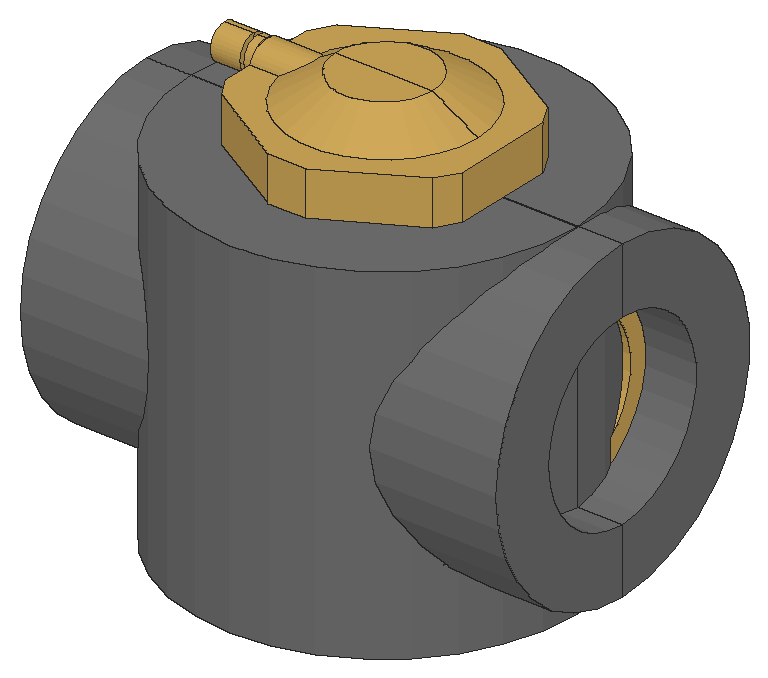
Revit family "Differenzdruckregler 4202 FIX 23kPa", category Rohrzubehör, Revit 2020
Family settings
  Bemaßung runder Anschluss = Durchmesser verwenden
  Teiletyp = Unterbricht
  OmniClass-Nummer = 23.65.55.14
  OmniClass-Titel = Valves for Liquid Services
  Arbeitsebenenbasiert = Nein
  Immer vertikal = Ja
  Beim Laden mit Abzugskörper schneiden = Nein
  Gemeinsam genutzt = Nein
Parameters (values of type "Mit Dämmung")
  y2 [instance] = K14 + K9 + H01  # 76.149 mm
  y1 [instance] = (R03 * 2) + R05  # 140.000 mm
  Vorgabe-Ansicht = 0.000 mm
  Min. Betriebstemperatur (Frostschutz) = -20 °C  # constant formula
  Max. zulässige Betriebstemperatur bis DN32 = 130 °C  # constant formula
  Max. zulässige Betriebstemperatur DN40 - DN50 = 110 °C  # constant formula
  Max. Differenzdruck am Gehäuse = 400000.0 Pa  # constant formula
  Max. Betriebsdruck = 2500000.0 Pa  # constant formula
  Ventilschaft = "Edelstahl 14301"  # constant formula
  URL = "www.herz-armaturen.at"
  SCRNSEQ = "ARM;ARM_TYP=\"DIFR\";2"
  SCRNCODE = "05;03;4"  # constant formula
  S06 [instance] = 1.000 mm  # constant formula
  S05 [instance] = S01 - 1.000 mm  # 27.500 mm
  S04 [instance] = S02 - 1.000 mm  # 27.000 mm
  S03 [instance] = size_lookup("4202_FIX_23", "S03", 26.500 mm, Nennweite)  # 37.700 mm
  S02 [instance] = size_lookup("4202_FIX_23", "S02", 19.000 mm, Nennweite)  # 28.000 mm
  S01 [instance] = size_lookup("4202_FIX_23", "S01", 17.250 mm, Nennweite)  # 28.500 mm
  Regleranschlussmutter = "Messing CW614N"  # constant formula
  Regelbereich = "FIX 23kPa"  # constant formula
  R06 [instance] = size_lookup("4202_FIX_23", "R06", 14.500 mm, Nennweite)  # 14.500 mm
  R05 [instance] = size_lookup("4202_FIX_23", "R05", 46.000 mm, Nennweite)  # 106.000 mm
  R04 [instance] = size_lookup("4202_FIX_23", "R04", 12.500 mm, Nennweite)  # 14.500 mm
  R03 [instance] = size_lookup("4202_FIX_23", "R03", 10.000 mm, Nennweite)  # 17.000 mm
  R02 = 14.500 mm  # constant formula
  R01 [instance] = size_lookup("4202_FIX_23", "R01", 12.500 mm, Nennweite)  # 33.500 mm
  Min. Betriebstemperatur (reines Wasser) = 2 °C  # constant formula
  O-Ringe = "EPDM"  # constant formula
  Nennweite [instance] = 50.000 mm
  Membrangehäuse = "Messing CW602N"  # constant formula
  Membrane = "EPDM"  # constant formula
  Medium = "Wasserbeschaffenheit nach ÖNORM H 5195 und VDI 2035\r\nDie Verwendung von Ethylen- und Propylenglykol ist im\r\nMischungsverhältnis 25 - 50 Vol.-% zulässig."
  L2 [instance] = size_lookup("4202_FIX_23", "L2", 161.000 mm, Nennweite)  # 216.500 mm
  L [instance] = size_lookup("4202_FIX_23", "L", 66.000 mm, Nennweite)  # 140.000 mm
  K9 = 4.000 mm  # constant formula
  K8 = 55.000 mm  # constant formula
  K7 = 8.700 mm  # constant formula
  K6 = 11.700 mm  # constant formula
  K5 = 13.000 mm  # constant formula
  K4 = 12.000 mm  # constant formula
  K3 = 15.000 mm  # constant formula
  K2 = 2.350 mm  # constant formula
  K18 = 89.000 mm  # constant formula
  K17 = 66.700 mm  # constant formula
  K16 = 3.000 mm  # constant formula
  K15 = 26.649 mm  # constant formula
  K14 = 16.649 mm  # constant formula
  K13 = 16.649 mm  # constant formula
  K12 = 10.000 mm  # constant formula
  K11 = 35.000 mm  # constant formula
  K10 = 18.250 mm  # constant formula
  K1.1 = 2.350 mm  # constant formula
  K1 = 7.651 mm  # constant formula
  J9 = 15.700 mm  # constant formula
  J8 = 7.850 mm  # constant formula
  J7 = 15.897 mm  # constant formula
  J6 = 3.900 mm  # constant formula
  J5 = 6.500 mm  # constant formula
  J4 = 1.500 mm  # constant formula
  J3 = 3.200 mm  # constant formula
  J2 = 11.000 mm  # constant formula
  J11 = 3.500 mm  # constant formula
  J10 = 18.897 mm  # constant formula
  J1 = 6.500 mm  # constant formula
  Hersteller = "HERZ-Armaturen Ges.m.b.H"  # constant formula
  H2 [instance] = size_lookup("4202_FIX_23", "H2", 28.000 mm, Nennweite)  # 58.000 mm
  H1 [instance] = K1 + K2 + K3 + K4 + K5 + K7 + K8 + K16 + 16.650 mm  # 133.351 mm
  H04 = 4.000 mm  # constant formula
  H03 = 9.800 mm  # constant formula
  H02 [instance] = size_lookup("4202_FIX_23", "H02", 53.000 mm, Nennweite)  # 107.000 mm
  H01 [instance] = size_lookup("4202_FIX_23", "H01", 25.000 mm, Nennweite)  # 55.500 mm
  Gehäuse = "DZR Messing CC770S"  # constant formula
  G03 [instance] = size_lookup("4202_FIX_23", "G03", 13.200 mm, Nennweite)  # 23.400 mm
  G02 [instance] = size_lookup("4202_FIX_23", "G02", 9.500 mm, Nennweite)  # 28.325 mm
  G01 [instance] = size_lookup("4202_FIX_23", "G01", 13.500 mm, Nennweite)  # 35.000 mm
  Hinweise zum Material = "Gemäß Art 33 der REACH-Verordnung (EG Nr. 1907/2006) sind wir verpflichtet, darauf hinzuweisen,\r\ndass der Stoff Blei auf der SVHC-Liste geführt wird und dass alle aus Messing bestehenden Bauteile,\r\ndie in unseren Erzeugnissen verarbeitet sind, mehr als 0,1 % (w/w) Blei (CAS: 7439-92-1 / EINECS:\r\n231-100-4) enthalten. Da Blei als Legierungsbestandteil fest gebunden ist, sind keine Expositionen zu\r\nerwarten und daher sind keine zusätzlichen Angaben zur sicheren Verwendung notwendig.\r\n\r\nIm Hanf enthaltenes Ammoniak schädigt\r\nMessingventilgehäuse, EPDM Dichtungen werden durch\r\nMineralöle bzw. mineralölhaltige Schmierstoffe aufgequollen\r\nund führen somit zum Ausfall der EPDM-Dichtungen. Für\r\nFrost- und Korrosionsschutzmittel auf der Basis von Ethylen- und Propylenglykol sind die entsprechenden\r\nAngaben den Unterlagen des Herstellers zu entnehmen."
  Dämmung = yes
  Dämmschale = "EPP (expandiertes Polypropylen)"  # constant formula
  Druckfeder = "Federstahl, rost-und säurebeständig"  # constant formula
  DN50 [instance] = Nennweite = 50.000 mm  # yes
  DN40 [instance] = Nennweite = 40.000 mm  # no
  DN32-40 [instance] = or(Nennweite = 32.000 mm, Nennweite = 40.000 mm)  # no
  DN32 [instance] = Nennweite = 32.000 mm  # no
  DN25,32,40 [instance] = or(Nennweite = 25.000 mm, Nennweite = 32.000 mm, Nennweite = 40.000 mm)  # no
  DN25 [instance] = Nennweite = 25.000 mm  # no
  DN20 [instance] = Nennweite = 20.000 mm  # no
  DN15-25 [instance] = or(Nennweite = 15.000 mm, Nennweite = 20.000 mm, Nennweite = 25.000 mm)  # no
  DN15,20,50 [instance] = or(Nennweite = 15.000 mm, Nennweite = 20.000 mm, Nennweite = 50.000 mm)  # yes
  DN15 [instance] = Nennweite = 15.000 mm  # no
  D07 [instance] = if(Nennweite = 15.000 mm, 32.500 mm, if(Nennweite = 20.000 mm, 33.500 mm, if(Nennweite = 25.000 mm, 33.500 mm, if(Nennweite = 32.000 mm, 49.500 mm, if(Nennweite = 40.000 mm, 59.500 mm, if(Nennweite = 50.000 mm, 59.500 mm, 0.000 mm))))))  # 59.500 mm
  D06 [instance] = if(Nennweite = 15.000 mm, 32.500 mm, if(Nennweite = 20.000 mm, 33.500 mm, if(Nennweite = 25.000 mm, 33.500 mm, if(Nennweite = 32.000 mm, 49.500 mm, if(Nennweite = 40.000 mm, 59.500 mm, if(Nennweite = 50.000 mm, 59.500 mm, 0.000 mm))))))  # 59.500 mm
  D05 [instance] = if(Nennweite = 15.000 mm, 36.750 mm, if(Nennweite = 20.000 mm, 40.700 mm, if(Nennweite = 25.000 mm, 49.200 mm, if(Nennweite = 32.000 mm, 54.150 mm, if(Nennweite = 40.000 mm, 60.750 mm, if(Nennweite = 50.000 mm, 72.700 mm, 0.000 mm))))))  # 72.700 mm
  D04 [instance] = if(Nennweite = 15.000 mm, 78.500 mm, if(Nennweite = 20.000 mm, 82.000 mm, if(Nennweite = 25.000 mm, 84.000 mm, if(Nennweite = 32.000 mm, 120.000 mm, if(Nennweite = 40.000 mm, 130.000 mm, if(Nennweite = 50.000 mm, 130.500 mm, 0.000 mm))))))  # 130.500 mm
  D03 [instance] = if(Nennweite = 15.000 mm, 96.000 mm, if(Nennweite = 20.000 mm, 110.000 mm, if(Nennweite = 25.000 mm, 112.000 mm, if(Nennweite = 32.000 mm, 152.000 mm, if(Nennweite = 40.000 mm, 170.000 mm, if(Nennweite = 50.000 mm, 179.000 mm, 0.000 mm))))))  # 179.000 mm
  D02 [instance] = size_lookup("4202_FIX_23", "R05", 41.000 mm, Nennweite)  # 106.000 mm
  D01 [instance] = size_lookup("4202_FIX_23", "G01", 13.220 mm, Nennweite)  # 35.000 mm
  Bestellnummer Dämmung [instance] = if(and(Dämmung, Nennweite = 15.000 mm), 1409611, if(and(Dämmung, Nennweite = 20.000 mm), 1409612, if(and(Dämmung, Nennweite = 25.000 mm), 1409613, if(and(Dämmung, Nennweite = 32.000 mm), 1409614, if(and(Dämmung, Nennweite = 40.000 mm), 1409615, if(and(Dämmung, Nennweite = 50.000 mm), 1409616, 0))))))  # 1409616
  Bestellnummer [instance] = if(Nennweite = 15.000 mm, 1420221, if(Nennweite = 20.000 mm, 1420222, if(Nennweite = 25.000 mm, 1420223, if(Nennweite = 32.000 mm, 1420224, if(Nennweite = 40.000 mm, 1420225, if(Nennweite = 50.000 mm, 1420226, 0))))))  # 1420226
  B2 [instance] = size_lookup("4202_FIX_23", "B2", 31.000 mm, Nennweite)  # 41.000 mm
  B1 [instance] = size_lookup("4202_FIX_23", "B1", 26.000 mm, Nennweite)  # 41.000 mm
  B04 = 100.649 mm  # constant formula
  B03 = 44.500 mm  # constant formula
  B02 = 104.688 mm  # constant formula
  B01 = 10.000 mm  # constant formula
  Anwendungsgebiet = "Der Differenzdruckregler ist ein Regler mit linearer Kennlinie in Geradsitzausführung und arbeitet ohne Hilfsenergie. Der Differenzdruck-Sollwert beträgt 23 kPa, 50 kPa bzw 13 kPa. Im Lieferumfang enthalten ist die Impulsleitung (1000 mm), diese ist mit einem Strangregulierventil im Vorlauf zu verbinden."
  Anschlussnippel = "Messing CW602N"  # constant formula
Types (3, lengths in mm): name | y2 | y1 | S05 | S04 | S03 | S02 | S01 | R05 | R04 | R03 | R01 | Nennweite | L2 | L | H2 | H02 | H01 | G03 | G02 | G01 | Dämmung | DN50 | DN15-25 | DN15 | D07 | D06 | D05 | D04 | D03 | D02 | D01 | Bestellnummer Dämmung | Bestellnummer | B2 | B1
  (no name) | 76.149 | 140.000 | 27.500 | 27.000 | 37.700 | 28.000 | 28.500 | 106.000 | 14.500 | 17.000 | 33.500 | 50.000 | 216.500 | 140.000 | 58.000 | 107.000 | 55.500 | 23.400 | 28.325 | 35.000 | yes | yes | no | no | 59.500 | 59.500 | 72.700 | 130.500 | 179.000 | 106.000 | 35.000 | 1409616 | 1420226 | 41.000 | 41.000
  Mit Dämmung | 76.149 | 140.000 | 27.500 | 27.000 | 37.700 | 28.000 | 28.500 | 106.000 | 14.500 | 17.000 | 33.500 | 50.000 | 216.500 | 140.000 | 58.000 | 107.000 | 55.500 | 23.400 | 28.325 | 35.000 | yes | yes | no | no | 59.500 | 59.500 | 72.700 | 130.500 | 179.000 | 106.000 | 35.000 | 1409616 | 1420226 | 41.000 | 41.000
  Ohne Dämmung | 49.149 | 66.000 | 16.250 | 18.000 | 25.600 | 19.000 | 17.250 | 46.000 | 12.500 | 10.000 | 12.500 | 15.000 | 161.000 | 66.000 | 28.000 | 53.000 | 28.500 | 13.200 | 9.500 | 13.500 | no | no | yes | yes | 32.500 | 32.500 | 36.750 | 78.500 | 96.000 | 46.000 | 13.500 | 0 | 1420221 | 31.000 | 26.000
Reference planes
  plane 1 "Mitte (Vorne/hinten)": y = 0
  plane 2: z = 0
  plane 3 "Mitte (Links/rechts)": x = 0
Forms (mm)
  Revolve 1, solid, material "Messing, weicher Gelbton, geschweißt", detail levels fine
    sketch origin (0, 0, 0) x (1, 0, 0) y (0, 0, 1)
      loop
        line (-46.6, 0) -> (46.6, 0) -> (46.6, 28.325) -> (70, 28.325) -> (70, 35) -> (53, 35) -> (53, 33.5) -> (-53, 33.5) -> (-53, 35) -> (-70, 35) -> (-70, 28.325) -> (-46.6, 28.325) -> (-46.6, 0)
      axis (-70, 0) -> (70, 0)
    angle from 0 to 360
  Revolve 2, solid, material "Messing, weicher Gelbton, geschweißt", detail levels fine
    sketch origin (0, 0, 0) x (1, 0, 0) y (0, 0, 1)
      loop
        line (0, -58) -> (0, 0) -> (-27, 0) -> (-27, -48.2) -> (-28, -48.2) -> (-28, -58) -> (0, -58)
      axis (0, 0) -> (0, -58)
    angle from 0 to 360
  Extrusion 3, solid, material "Messing, weicher Gelbton, geschweißt", detail levels fine
    sketch origin (0, 0, 0) x (0, -1, 0) y (1, 0, 0)
      loop
        line (-46, -7.038) -> (-27.114, -39.75) -> (-18.886, -44.5) -> (18.886, -44.5) -> (27.114, -39.75) -> (46, -7.038) -> (46, 7.038) -> (27.114, 39.75) -> (18.886, 44.5) -> (-18.886, 44.5) -> (-27.114, 39.75) -> (-46, 7.038) -> (-46, -7.038)
    from 59.5 to 76.149
  Revolve 4, solid, material "Messing, weicher Gelbton, geschweißt", detail levels fine
    sketch origin (0, 0, -7.051) x (1, 0, 0) y (0, 0, 1)
      loop
        line (0, 83.2) -> (0, 93.2) -> (-18.25, 93.2) -> (-35, 83.2) -> (0, 83.2)
      axis (0, 93.2) -> (0, 83.2)
    angle from 0 to 360
  Revolve 5, solid, material "Messing, weicher Gelbton, geschweißt", visible <- "DN15-25", detail levels fine
    sketch origin (-11, 0, 0) x (1, 0, 0) y (0, 1, 0)
      loop
        line (-3.5, 41) -> (-11.2, 41) -> (-11.2, 0) -> (-3.5, 0) -> (-3.5, 41)
      axis (-3.5, 0) -> (-3.5, 41)
    angle from 0 to 360
  Revolve 6, solid, material "Messing, weicher Gelbton, geschweißt", detail levels fine
    sketch origin (-0.988, 0, -6.853) x (-1, 0, 0) y (0, 0, 1)
      loop
        line (43.5, 82.25) -> (59.2, 82.25) -> (59.2, 88.75) -> (48.2, 88.75) -> (48.2, 86.15) -> (46.7, 86.15) -> (46.7, 88.75) -> (43.5, 88.75) -> (43.5, 82.25)
      axis (43.5, 82.25) -> (59.2, 82.25)
    angle from 0 to 360
  Extrusion 7, solid, material "Messing, weicher Gelbton, geschweißt", detail levels fine
    sketch origin (0, 0, 0) x (0, 1, 0) y (0, 0, -1)
      loop
        line (7.85, -74.047) -> (7.85, -63) -> (-7.85, -63) -> (-7.85, -74.047)
        arc (-7.85, -74.047) -> (0, -81.897) -> (7.85, -74.047) r 7.85
    from 0 to 44.5
  Revolve 8, solid, material "Messing, weicher Gelbton, geschweißt", visible <- "DN15-25", detail levels fine
    sketch origin (-2, 0, 0) x (1, 0, 0) y (0, 1, 0)
      loop
        line (-12.5, 0) -> (-21.5, 0) -> (-21.5, -41) -> (-12.5, -41) -> (-12.5, 0)
      axis (-12.5, 0) -> (-12.5, -41)
    angle from 0 to 360
  Revolve 9, solid, material "Messing, weicher Gelbton, geschweißt", visible <- "DN15-25", detail levels fine
    sketch origin (2, 0, 0) x (1, 0, 0) y (0, 1, 0)
      loop
        line (12.5, 0) -> (12.5, -41) -> (21.6, -41) -> (21.6, 0) -> (12.5, 0)
      axis (12.5, 0) -> (12.5, -41)
    angle from 0 to 360
  Extrusion 10, solid, material "Messing, weicher Gelbton, geschweißt", visible <- "DN32", detail levels fine
    sketch origin (-31.5, 0, 0) x (1, 0, 0) y (0, 1, 0)
      loop
        circle (63, 0) r 6.578
      loop
        circle (63, 0) r 3.28
    from -47 to 0
  Extrusion 11, solid, material "Messing, weicher Gelbton, geschweißt", visible <- "DN32", detail levels fine
    sketch origin (31.5, 0, 0) x (-1, 0, 0) y (0, -1, 0)
      loop
        circle (63, 0) r 6.578
      loop
        circle (63, 0) r 3.28
    from -47 to 0
  Revolve 12, solid, material "Messing, weicher Gelbton, geschweißt", detail levels fine
    sketch origin (0, 0, 0) x (1, 0, 0) y (0, 0, 1)
      loop
        line (-27.5, 0) -> (0, 0) -> (0, 59.5) -> (-23.5, 59.5) -> (-23.5, 55.5) -> (-28.5, 55.5) -> (-28.5, 45.7) -> (-27.5, 45.7) -> (-27.5, 0)
      axis (0, 59.5) -> (0, 0)
    angle from 0 to 360
  Extrusion 13, solid, material "Messing, weicher Gelbton, geschweißt", visible <- "DN40", detail levels fine
    sketch origin (29.382, 0, 0) x (-1, 0, 0) y (0, -1, 0)
      loop
        circle (63, 0) r 6.578
      loop
        circle (63, 0) r 3.28
    from -58 to 0
  Extrusion 14, solid, material "Messing, weicher Gelbton, geschweißt", visible <- "DN40", detail levels fine
    sketch origin (-29.455, 0, 0) x (1, 0, 0) y (0, 1, 0)
      loop
        circle (63, 0) r 6.578
      loop
        circle (63, 0) r 3.28
    from -58 to 0
  Extrusion 15, solid, material "Messing, weicher Gelbton, geschweißt", visible <- "DN50", detail levels fine
    sketch origin (28.422, 0, 0) x (-1, 0, 0) y (0, -1, 0)
      loop
        circle (63, 0) r 6.578
      loop
        circle (63, 0) r 3.28
    from -58 to 0
  Extrusion 16, solid, material "Messing, weicher Gelbton, geschweißt", visible <- "DN50", detail levels fine
    sketch origin (-28.422, 0, 0) x (1, 0, 0) y (0, 1, 0)
      loop
        circle (63, 0) r 6.578
      loop
        circle (63, 0) r 3.28
    from -58 to 0
  Revolve 17, solid, material "Messing, weicher Gelbton, geschweißt", visible <- "DN32-40", detail levels fine
    sketch origin (-11, 0, 0) x (1, 0, 0) y (0, 1, 0)
      loop
        line (-3.5, -41) -> (-3.5, 0) -> (-11.2, 0) -> (-11.2, -41) -> (-3.5, -41)
      axis (-3.5, 0) -> (-3.5, -41)
    angle from 0 to 360
  Revolve 18, solid, material "Kunststoff-Anthrazit/Schwarz", visible <- "Dämmung"
    sketch origin (0, 0, 0) x (1, 0, 0) y (0, 0, 1)
      loop
        line (0, -71) -> (72.7, -71) -> (72.7, 59.5) -> (0, 59.5) -> (0, -71)
      axis (0, 59.5) -> (0, -71)
    angle from 0 to 360
  Revolve 19, solid, material "Kunststoff-Anthrazit/Schwarz", visible <- "Dämmung"
    sketch origin (0, 0, 0) x (1, 0, 0) y (0, 0, 1)
      loop
        line (-89.5, 59.5) -> (-89.5, 35) -> (-53, 35) -> (-53, 0) -> (0, 0) -> (53, 0) -> (53, 35) -> (89.5, 35) -> (89.5, 59.5) -> (-89.5, 59.5)
      axis (-89.5, 0) -> (89.5, 0)
    angle from 0 to 360
Lines and regions (mm)
  model lines, detail levels coarse+medium
    curve 1: line (70, -35, 0) -> (70, 35, 0)
    curve 2: line (70, 35, 0) -> (-70, -35, 0)
    curve 3: line (-70, -35, 0) -> (-70, 35, 0)
    curve 4: line (-70, 35, 0) -> (70, -35, 0)
    curve 5: line (0, -45.5, 0) -> (0, -59.5, 0)
    curve 6: spline (-44.5, -67.824, 0) -> (-42.984, -65.67, 0) -> (-38.538, -63.662, 0) -> (-31.466, -61.938, 0) -> (-22.25, -60.615, 0) -> (-11.517, -59.784, 0) -> (0, -59.5, 0) -> (11.517, -59.784, 0) -> (22.25, -60.615, 0) -> (31.466, -61.938, 0) -> (38.538, -63.662, 0) -> (42.984, -65.67, 0) -> (44.5, -67.825, 0) -> (42.984, -69.979, 0) -> (38.538, -71.987, 0) -> (31.466, -73.711, 0) -> (22.25, -75.034, 0) -> (11.517, -75.865, 0) -> (0, -76.149, 0) -> (-11.517, -75.865, 0) -> (-22.25, -75.034, 0) -> (-31.466, -73.711, 0) -> (-38.538, -71.987, 0) -> (-42.984, -69.979, 0) -> (-44.5, -67.824, 0)
    curve 7: line (0, 0, 35) -> (0, 0, 59.5)
    curve 8: spline (-44.5, 0, 67.825) -> (-42.984, 0, 69.979) -> (-38.538, 0, 71.987) -> (-31.466, 0, 73.711) -> (-22.25, 0, 75.034) -> (-11.517, 0, 75.865) -> (0, 0, 76.149) -> (11.517, 0, 75.865) -> (22.25, 0, 75.034) -> (31.466, 0, 73.711) -> (38.538, 0, 71.987) -> (42.984, 0, 69.979) -> (44.5, 0, 67.824) -> (42.984, 0, 65.67) -> (38.538, 0, 63.662) -> (31.466, 0, 61.938) -> (22.25, 0, 60.615) -> (11.517, 0, 59.784) -> (0, 0, 59.5) -> (-11.517, 0, 59.784) -> (-22.25, 0, 60.615) -> (-31.466, 0, 61.938) -> (-38.538, 0, 63.662) -> (-42.984, 0, 65.67) -> (-44.5, 0, 67.825)
    curve 9: line (0, 0, 35) -> (35, 0, 17.5)
    curve 10: line (0, 0, 35) -> (-35, 0, 17.5)
    curve 11: line (0, -45.5, 0) -> (-18.2, -9.1, 0)
    curve 12: line (0, -45.5, 0) -> (18.2, -9.1, 0)
    curve 13: line (-70, 0, 35) -> (70, 0, -35)
    curve 14: line (70, 0, -35) -> (70, 0, 35)
    curve 15: line (70, 0, 35) -> (-70, 0, -35)
    curve 16: line (-70, 0, -35) -> (-70, 0, 35)
Dimensions and locks
  "G01": Revolve 1 sketch curve to Revolve 1 sketch curve  (x2)
  "R01": Revolve 1 sketch curve to Revolve 1 sketch curve
  "R03": Revolve 1 sketch curve to Revolve 1 sketch curve  (x2)
  "K10": Revolve 4 sketch curve to Revolve 4 sketch curve
  "K11": Revolve 4 sketch curve to Revolve 4 sketch curve
  "B1": Revolve 5 sketch curve to Revolve 5 sketch curve
  "J1": Revolve 6 sketch curve to Revolve 6 sketch curve
  "J3": Revolve 6 sketch curve to Revolve 6 sketch curve
  "J4": Revolve 6 sketch curve to Revolve 6 sketch curve
  "J2": Revolve 6 sketch curve to Revolve 6 sketch curve
  "J5": Revolve 6 sketch curve to Revolve 6 sketch curve
  "J6": Revolve 6 sketch curve to Revolve 6 sketch curve
  "H2": plane 2 to Revolve 2 sketch curve
  "H03": Revolve 2 sketch curve to Revolve 2 sketch curve
  "S02": plane 3 "Mitte (Links/rechts)" to Revolve 2 sketch curve
  "B02": Revolve 6 to Extrusion 3
  "B03": Extrusion 3 to plane 3 "Mitte (Links/rechts)"
  "R04": Revolve 5 sketch curve to plane 3 "Mitte (Links/rechts)"
  "K12": Revolve 4 sketch curve to Revolve 4 sketch curve
  "K13": Revolve 4 sketch curve to Extrusion 3
  "K14": Extrusion 3 to Extrusion 3
  "R05": Revolve 1 sketch curve to Revolve 1 sketch curve
  equal spacing: Revolve 1 sketch curve, plane 3 "Mitte (Links/rechts)", Revolve 1 sketch curve
  "B2": plane 1 "Mitte (Vorne/hinten)" to Revolve 8 sketch curve
  "B2": Revolve 9 sketch curve to plane 1 "Mitte (Vorne/hinten)"
  "R06": Revolve 8 sketch curve to plane 3 "Mitte (Links/rechts)"
  "R06": plane 3 "Mitte (Links/rechts)" to Revolve 9 sketch curve
  "S01": Revolve 12 sketch curve to plane 3 "Mitte (Links/rechts)"
  "S05": plane 3 "Mitte (Links/rechts)" to Revolve 12 sketch curve
  "H04": Revolve 12 sketch curve to Revolve 12 sketch curve
  "H03": Revolve 12 sketch curve to Revolve 12 sketch curve
  "H01": Revolve 12 sketch curve to plane 2
  "K9": Extrusion 3 to Revolve 12
  "S06": Revolve 2 sketch curve to Revolve 2 sketch curve
  "J7": Revolve 6 sketch curve to Extrusion 3
  "J9": Extrusion 7 sketch curve to Extrusion 7 sketch curve
  "J10": Revolve 6 to Extrusion 7 sketch curve
  "J11": Extrusion 7 sketch curve to Extrusion 3
  "K18": Extrusion 3 to Extrusion 3
  "K18": curve 8 to curve 8
  "G01": curve 10 to plane 2
  "K14": curve 8 to curve 8
  "y2": curve 8 to plane 2
  "G01": plane 1 "Mitte (Vorne/hinten)" to curve 4
  "G01": curve 3 to plane 1 "Mitte (Vorne/hinten)"
  equal spacing: curve 3, curve 8, curve 1
  equal spacing: curve 3, curve 12, curve 1
  "y1": curve 3 to curve 1
  "G01": plane 1 "Mitte (Vorne/hinten)" to curve 2
  "G01": curve 4 to plane 1 "Mitte (Vorne/hinten)"
  "K18": curve 6 to curve 6
  "K14": curve 6 to curve 6
  "y2": curve 6 to plane 1 "Mitte (Vorne/hinten)"
  "B1": Revolve 17 sketch curve to Revolve 17 sketch curve
  "R04": Revolve 17 sketch curve to plane 3 "Mitte (Links/rechts)"
  "G02": Revolve 1 sketch curve to plane 2  (x2)
  "G03": Revolve 1 sketch curve to Revolve 1 sketch curve  (x2)
  Revolve 1 sketch curve to Revolve 1 sketch curve = 140.000 mm
  equal spacing: curve 10, plane 3 "Mitte (Links/rechts)", curve 9
  "L": curve 14 to curve 16
  equal spacing: curve 14, curve 6, curve 16
  equal spacing: curve 14, curve 9, curve 10, curve 10, curve 16
  "G01": curve 16 to plane 2
  "G01": plane 2 to curve 16
  "G01": curve 15 to plane 2
  "G01": plane 2 to curve 14
  "D06": Revolve 18 sketch curve to plane 2
  "D04": Revolve 18 sketch curve to Revolve 18 sketch curve
  "D05": Revolve 18 sketch curve to Revolve 18 sketch curve
  "D07": Revolve 19 sketch curve to plane 2
  "D01": Revolve 19 sketch curve to plane 2  (x2)
  "D02": Revolve 19 sketch curve to Revolve 19 sketch curve
  "D03": Revolve 19 sketch curve to Revolve 19 sketch curve
  equal spacing: Revolve 19 sketch curve, plane 3 "Mitte (Links/rechts)", Revolve 19 sketch curve  (x2)
  "J8": radius of Extrusion 7 sketch curve
  aligned and locked: level to plane 2
Automatic sketch dimensions
  plane 3 "Mitte (Links/rechts)" to Extrusion 3 sketch curve = 7.038 mm  (x2)
  Extrusion 3 sketch curve to plane 1 "Mitte (Vorne/hinten)" = 46.000 mm
  Extrusion 3 sketch curve to plane 1 "Mitte (Vorne/hinten)" = 27.114 mm  (x2)
  Extrusion 3 sketch curve to Extrusion 3 sketch curve = 8.227 mm  (x4)
  plane 1 "Mitte (Vorne/hinten)" to Extrusion 3 sketch curve = 18.886 mm  (x2)
  Extrusion 3 sketch curve to Extrusion 3 sketch curve = 18.886 mm
  Extrusion 3 sketch curve to plane 3 "Mitte (Links/rechts)" = 7.038 mm  (x2)
  Extrusion 3 sketch curve to Extrusion 3 sketch curve = 32.712 mm  (x4)
  Extrusion 3 sketch curve to Extrusion 3 sketch curve = 4.750 mm  (x2)
  Extrusion 10 sketch curve to Extrusion 10 sketch curve = 0.000 mm  (x2)
  plane 1 "Mitte (Vorne/hinten)" to Extrusion 10 sketch curve = 0.000 mm
  plane 3 "Mitte (Links/rechts)" to Extrusion 10 sketch curve = 31.500 mm
  Extrusion 11 sketch curve to Extrusion 11 sketch curve = 0.000 mm  (x2)
  plane 1 "Mitte (Vorne/hinten)" to Extrusion 11 sketch curve = 0.000 mm
  plane 3 "Mitte (Links/rechts)" to Extrusion 11 sketch curve = 31.500 mm
  Extrusion 13 sketch curve to Extrusion 13 sketch curve = 0.000 mm  (x2)
  plane 1 "Mitte (Vorne/hinten)" to Extrusion 13 sketch curve = 0.000 mm
  plane 3 "Mitte (Links/rechts)" to Extrusion 13 sketch curve = 33.618 mm
  Extrusion 14 sketch curve to Extrusion 14 sketch curve = 0.000 mm  (x2)
  plane 1 "Mitte (Vorne/hinten)" to Extrusion 14 sketch curve = 0.000 mm
  plane 3 "Mitte (Links/rechts)" to Extrusion 14 sketch curve = 33.545 mm
  Extrusion 15 sketch curve to Extrusion 15 sketch curve = 0.000 mm  (x2)
  plane 1 "Mitte (Vorne/hinten)" to Extrusion 15 sketch curve = 0.000 mm
  plane 3 "Mitte (Links/rechts)" to Extrusion 15 sketch curve = 34.578 mm
  Extrusion 16 sketch curve to Extrusion 16 sketch curve = 0.000 mm  (x2)
  plane 1 "Mitte (Vorne/hinten)" to Extrusion 16 sketch curve = 0.000 mm
  plane 3 "Mitte (Links/rechts)" to Extrusion 16 sketch curve = 34.578 mm
  curve 8 to plane 3 "Mitte (Links/rechts)" = 0.000 mm
  curve 11 to plane 3 "Mitte (Links/rechts)" = 0.000 mm
  curve 6 to plane 3 "Mitte (Links/rechts)" = 0.000 mm
  curve 5 to curve 12 = 14.000 mm
  Revolve 1 sketch curve to level = 0.000 mm  (x2)
  Revolve 1 sketch curve to Revolve 1 sketch curve = 1473.530 mm
  Revolve 1 sketch curve to Revolve 1 sketch curve = 1806.148 mm
  Revolve 2 sketch curve to level = 0.000 mm
  Revolve 2 sketch curve to plane 3 "Mitte (Links/rechts)" = 0.000 mm  (x2)
  Revolve 2 sketch curve to Revolve 2 sketch curve = 1.000 mm
  Revolve 2 sketch curve to Revolve 2 sketch curve = 334.045 mm
  level to Revolve 2 sketch curve = 2218.015 mm
  Revolve 4 sketch curve to plane 3 "Mitte (Links/rechts)" = 0.000 mm  (x2)
  Revolve 4 sketch curve to level = 373.096 mm
  Revolve 4 sketch curve to Revolve 4 sketch curve = 2155.315 mm
  plane 1 "Mitte (Vorne/hinten)" to Revolve 5 sketch curve = 0.000 mm  (x2)
  Revolve 5 sketch curve to Revolve 5 sketch curve = 0.000 mm  (x2)
  Revolve 5 sketch curve to Revolve 5 sketch curve = 7.700 mm
  plane 3 "Mitte (Links/rechts)" to Revolve 6 sketch curve = 44.488 mm
  Revolve 6 sketch curve to Revolve 6 sketch curve = 0.000 mm  (x3)
  Extrusion 7 sketch curve to plane 1 "Mitte (Vorne/hinten)" = 0.000 mm
  Extrusion 7 sketch curve to Extrusion 7 sketch curve = 11.047 mm
  Extrusion 7 sketch curve to Extrusion 7 sketch curve = 0.000 mm
  plane 1 "Mitte (Vorne/hinten)" to Revolve 8 sketch curve = 0.000 mm  (x2)
  Revolve 8 sketch curve to Revolve 8 sketch curve = 9.000 mm
  Revolve 8 sketch curve to Revolve 8 sketch curve = 0.000 mm  (x2)
  plane 1 "Mitte (Vorne/hinten)" to Revolve 9 sketch curve = 0.000 mm  (x2)
  Revolve 9 sketch curve to Revolve 9 sketch curve = 9.100 mm
  Revolve 9 sketch curve to Revolve 9 sketch curve = 0.000 mm  (x2)
  Revolve 12 sketch curve to level = 0.000 mm  (x2)
  Revolve 12 sketch curve to plane 3 "Mitte (Links/rechts)" = 0.000 mm  (x2)
  Revolve 12 sketch curve to Revolve 12 sketch curve = 5.000 mm
  Revolve 12 sketch curve to Revolve 12 sketch curve = 0.000 mm
  plane 1 "Mitte (Vorne/hinten)" to Revolve 17 sketch curve = 0.000 mm  (x2)
  Revolve 17 sketch curve to Revolve 17 sketch curve = 7.700 mm
  Revolve 17 sketch curve to Revolve 17 sketch curve = 0.000 mm  (x2)
  Revolve 18 sketch curve to plane 3 "Mitte (Links/rechts)" = 0.000 mm  (x2)
  Revolve 18 sketch curve to Revolve 18 sketch curve = 13.423 mm
  Revolve 18 sketch curve to Revolve 18 sketch curve = 0.000 mm
  Revolve 19 sketch curve to level = 0.000 mm  (x2)
  Revolve 19 sketch curve to plane 3 "Mitte (Links/rechts)" = 0.000 mm
  Revolve 19 sketch curve to Revolve 19 sketch curve = 0.000 mm  (x2)
  radius of Extrusion 10 sketch curve = 6.578 mm
  radius of Extrusion 10 sketch curve = 3.280 mm
  radius of Extrusion 11 sketch curve = 6.578 mm
  radius of Extrusion 11 sketch curve = 3.280 mm
  radius of Extrusion 13 sketch curve = 6.578 mm
  radius of Extrusion 13 sketch curve = 3.280 mm
  radius of Extrusion 14 sketch curve = 6.578 mm
  radius of Extrusion 14 sketch curve = 3.280 mm
  radius of Extrusion 15 sketch curve = 6.578 mm
  radius of Extrusion 15 sketch curve = 3.280 mm
  radius of Extrusion 16 sketch curve = 6.578 mm
  radius of Extrusion 16 sketch curve = 3.280 mm
Nested families
  nested 1: "Herz-Logo-vorne" at (-0.018, 17.815, -12.904) x (0, -1, 0) z (0, 0, 1), type "Herz-Logo-vorne", detail levels fine
  nested 2: "Herz-Logo-vorne" at (-0.018, 24.058, 0) x (0, -1, 0) z (0, 0, 1), visible <- "DN32", type "Herz-Logo-vorne", detail levels fine
  nested 3: "Herz-Logo-vorne" at (-0.018, 33.471, 0) x (0, -1, 0) z (0, 0, 1), visible <- "DN50", type "Herz-Logo-vorne", detail levels fine
  nested 4: "Herz-Logo-vorne" at (-0.018, 26.482, 0) x (0, -1, 0) z (0, 0, 1), visible <- "DN40", type "Herz-Logo-vorne", detail levels fine
Connectors
  piping at (70, 0, 0), diameter 50, driven by "Nennweite"
    settings: on Revolve 1, index 1, connector inside diameter 609.6 mm, connector length 0.000 mm, flow factor 0, pipe flow 0.0 L/s, pressure drop 0.0 Pa, fitting loss kfactor 0, connector angle 0.00°, fixture units 0, engagement length 0.000 mm, angle of deflection 0.00°, flow configuration 0, flow direction 2, fitting loss method 0, system type 29, joint type 0, gender type 0, connector reference index -1, connector utility 0, adjustable connector no, is connector primary yes, connector description ""
  piping at (-70, 0, 0), diameter 50, driven by "Nennweite"
    settings: on Revolve 1, index 2, connector inside diameter 609.6 mm, connector length 0.000 mm, flow factor 0, pipe flow 0.0 L/s, pressure drop 0.0 Pa, fitting loss kfactor 0, connector angle 0.00°, fixture units 0, engagement length 0.000 mm, angle of deflection 0.00°, flow configuration 0, flow direction 1, fitting loss method 0, system type 7, joint type 0, gender type 0, connector reference index -1, connector utility 0, adjustable connector no, is connector primary no, connector description ""
Definition of nested family "Herz-Logo-vorne"
  Parameters (values of type "Herz-Logo-vorne")
    Default Elevation = 0.000 mm
  Reference planes
    plane 1 "Mitte (Vorne/hinten)": y = 0
    plane 2: z = 0
    plane 3 "Mitte (Links/rechts)": x = 0
  Forms (mm)
    Extrusion 1, solid
      sketch origin (0.732, -0.018, 0.017) x (0, -1, 0) y (0, 0, 1)
        loop
          line (-0.018, -4.517) -> (4.482, -4.517) -> (4.482, 4.483) -> (-4.518, 4.483) -> (-4.518, -4.517) -> (-0.018, -4.517)
        loop
          line (-0.05, -3.48) -> (3.482, -3.48) -> (3.482, 3.483) -> (-3.518, 3.483) -> (-3.518, -3.48) -> (-0.05, -3.48)
        loop
          arc (-0.018, 2.383) -> (-1.543, 3.287) -> (-3.067, 2.383) r 1.738
          arc (-3.067, 2.383) -> (-3.191, 1.899) -> (-3.067, 1.415) r 1.009
          line (-3.067, 1.415) -> (-0.018, -3.281) -> (3.032, 1.415)
          arc (3.032, 1.415) -> (3.156, 1.899) -> (3.032, 2.383) r 1.009
          arc (3.032, 2.383) -> (1.507, 3.287) -> (-0.018, 2.383) r 1.738
        loop
          arc (1.885, 1.272) -> (2.005, 1.675) -> (1.885, 2.079) r 0.74
          arc (1.885, 2.079) -> (1.265, 2.416) -> (0.644, 2.079) r 0.74
          line (0.644, 2.079) -> (-0.018, 0.97) -> (-0.679, 2.079)
          arc (-0.679, 2.079) -> (-1.3, 2.416) -> (-1.921, 2.079) r 0.74
          arc (-1.921, 2.079) -> (-2.04, 1.675) -> (-1.921, 1.272) r 0.74
          line (-1.921, 1.272) -> (-0.018, -1.658) -> (1.885, 1.272)
      from 0 to 1.5
  Dimensions and locks
    aligned and locked: level to plane 2
